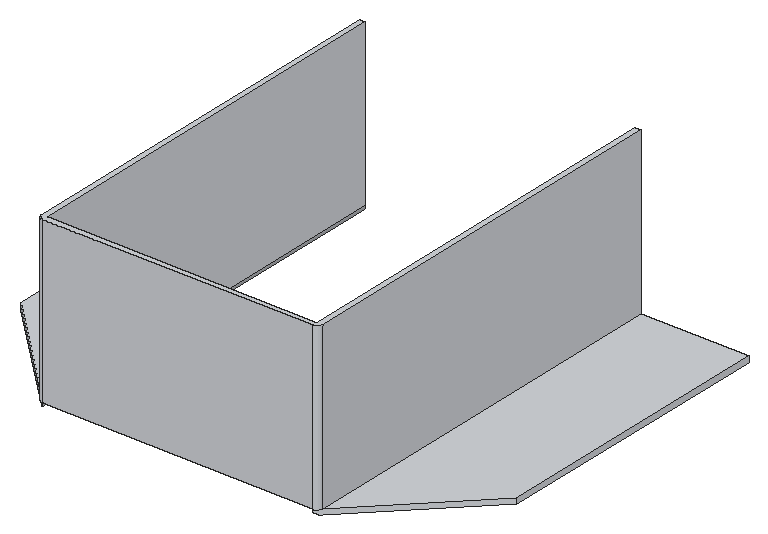
Revit family "JOMA_Balksko Special_40 ̸ 60", category Structural Connections, host Face, Revit 2012
Parameters (values of type "40/60")
  Y = 60 mm
  Typ 40 ̸ 60 = yes
  Typ = "TYP 40/60"
  Spikmönster [instance] = no
  Spik/skruv i sekundär [instance] = "ANKARSPIK 4,0x40"
  Spik/skruv i primär [instance] = "ANKARSPIK 4,0x60"
  Material = Varmförzinkad stålplåt
  Länk Joma Dimensioneringsverktyg = "http://www.joma.se/dimensioneringsverktyg"
  H500 = H500 : H500
  H480 = H480 : H480
  H460 = H460 : H460
  H440 = H440 : H440
  H420 = H420 : H420
  H400 = H400 : H400
  H380 = H380 : H380
  H360 = H360 : H360
  H340 = H340 : H340
  H320 = H320 : H320
  H300 = H300 : H300
  H280 = H280 : H280
  H260 = H260 : H260
  H240 = H240 : H240
  H220 = H220 : H220
  H200 = H200 : H200
  H180 = H180 : H180
  H160 = H160 : H160
  H140 = H140 : H140
  H [instance] = H140 : H140
  Default Elevation = 1219.2 mm
  X = 40 mm
  B [instance] = 95 mm
  Antal spik/skruv i sekundär [instance] = if(and(Typ 40 ̸ 60, Spikmönster, H = H500), 44, if(and(Typ 40 ̸ 60, Spikmönster, H = H480), 42, if(and(Typ 40 ̸ 60, Spikmönster, H = H460), 40, if(and(Typ 40 ̸ 60, Spikmönster, H = H440), 38, if(and(Typ 40 ̸ 60, Spikmönster, H = H420), 36, if(and(Typ 40 ̸ 60, Spikmönster, H = H400), 34, if(and(Typ 40 ̸ 60, Spikmönster, H = H380), 32, if(and(Typ 40 ̸ 60, Spikmönster, H = H360), 30, if(and(Typ 40 ̸ 60, Spikmönster, H = H340), 28, if(and(Typ 40 ̸ 60, Spikmönster, H = H320), 26, if(and(Typ 40 ̸ 60, Spikmönster, H = H300), 24, if(and(Typ 40 ̸ 60, Spikmönster, H = H280), 22, if(and(Typ 40 ̸ 60, Spikmönster, H = H260), 20, if(and(Typ 40 ̸ 60, Spikmönster, H = H240), 18, if(and(Typ 40 ̸ 60, Spikmönster, H = H220), 16, if(and(Typ 40 ̸ 60, Spikmönster, H = H200), 14, if(and(Typ 40 ̸ 60, Spikmönster, H = H180), 12, if(and(Typ 40 ̸ 60, Spikmönster, H = H160), 10, if(and(Typ 40 ̸ 60, Spikmönster, H = H140), 8, 0)))))))))))))))))))  # 0
  Antal spik/skruv i primär [instance] = if(and(Typ 40 ̸ 60, Spikmönster, H = H500), 52, if(and(Typ 40 ̸ 60, Spikmönster, H = H480), 50, if(and(Typ 40 ̸ 60, Spikmönster, H = H460), 48, if(and(Typ 40 ̸ 60, Spikmönster, H = H440), 46, if(and(Typ 40 ̸ 60, Spikmönster, H = H420), 44, if(and(Typ 40 ̸ 60, Spikmönster, H = H400), 42, if(and(Typ 40 ̸ 60, Spikmönster, H = H380), 40, if(and(Typ 40 ̸ 60, Spikmönster, H = H360), 38, if(and(Typ 40 ̸ 60, Spikmönster, H = H340), 36, if(and(Typ 40 ̸ 60, Spikmönster, H = H320), 34, if(and(Typ 40 ̸ 60, Spikmönster, H = H300), 32, if(and(Typ 40 ̸ 60, Spikmönster, H = H280), 30, if(and(Typ 40 ̸ 60, Spikmönster, H = H260), 28, if(and(Typ 40 ̸ 60, Spikmönster, H = H240), 26, if(and(Typ 40 ̸ 60, Spikmönster, H = H220), 24, if(and(Typ 40 ̸ 60, Spikmönster, H = H200), 22, if(and(Typ 40 ̸ 60, Spikmönster, H = H180), 20, if(and(Typ 40 ̸ 60, Spikmönster, H = H160), 18, if(and(Typ 40 ̸ 60, Spikmönster, H = H140), 16, 0)))))))))))))))))))  # 0
Reference planes
  plane 1 "Center (Front/Back)": y = 0
  plane 2: z = 0
  plane 3 "Center (Left/Right)": x = 0
  plane 4: x = -47.5
  plane 5: x = 47.5
  plane 6: x = -49.5
  plane 7: x = 49.5
  plane 8: y = 180
  plane 9: z = 2
  plane 10: y = -2
  plane 11: y = 38
  plane 12: x = 87.5
  plane 13: x = -87.5
  plane 14: z = 60
Dimensions and locks
  equal spacing: plane 4, plane 3 "Center (Left/Right)", plane 5
  "B": plane 4 to plane 5
  plane 6 to plane 4 = 2 mm
  plane 5 to plane 7 = 2 mm
  plane 9 to host face = 2 mm
  "X": plane 10 to plane 11
  "X": plane 5 to plane 12
  "X": plane 13 to plane 4
  "Y": plane 14 to host face
  locked: plane 10 to plane 1 "Center (Front/Back)" at 2
  plane 1 "Center (Front/Back)" to plane 8 = 180 mm
  nested 1 to plane 1 "Center (Front/Back)" = 140 mm
  aligned and locked: plane 2 to host face
  aligned and locked: level to host face
  aligned and locked: plane 10 to nested 1
  aligned and locked: plane 3 "Center (Left/Right)" to nested 1
Automatic sketch dimensions
  host sketch curve to host sketch curve = 2438.4 mm  (x2)
Nested families
  nested 1: "H140" at (0, 0, 0), type <- "H", B <- "B", Spikmönster <- "Spikmönster", type "H140"
    with Typ 40⁄60 Spikmönster no, Spikmönster no, H 140 mm, B 95 mm
Definition of nested family "H140"
  Parameters (values of type "H140")
    Y = 60 mm
    Typ 40⁄60 Spikmönster [instance] = and(Typ 40⁄60, Spikmönster)  # no
    Typ 40⁄60 = yes
    Spikmönster [instance] = no
    Länk Joma Dimensioneringsverktyg = "http://www.joma.se/dimensioneringsverktyg"
    H [instance] = 140 mm
    Default Elevation = 1219.2 mm
    X = 40 mm
    B [instance] = 120 mm
  Reference planes
    plane 1 "Center (Front/Back)": y = 0
    plane 2: z = 0
    plane 3 "Center (Left/Right)": x = 0
    plane 4: x = -60
    plane 5: x = 60
    plane 6: x = -62
    plane 7: x = 62
    plane 8: y = 140
    plane 9: z = 2
    plane 10: y = -2
    plane 11: y = 38
    plane 12: x = 100
    plane 13: x = -100
    plane 14: z = 60
  Forms (mm)
    Extrusion 1, solid
      sketch origin (0, 0, 0) x (1, 0, 0) y (0, 1, 0)
        loop
          line (-1219.2, 1219.2) -> (-1219.2, -1219.2) -> (1219.2, -1219.2) -> (1219.2, 1219.2) -> (-1219.2, 1219.2)
      from 0 to -304.8
    Extrusion 2, solid
      sketch origin (0, 0, 0) x (1, 0, 0) y (0, 1, 0)
        loop
          line (-60, 140) -> (-62, 140) -> (-62, 0)
          arc (-62, 0) -> (-61.414, -1.414) -> (-60, -2) r 2
          line (-60, -2) -> (60.004, -2)
          arc (60.004, -2) -> (61.415, -1.415) -> (62, -0.004) r 1.996
          line (62, -0.004) -> (62, 140) -> (60, 140) -> (60, 0) -> (-60, 0) -> (-60, 140)
      from 2 to 60
    Extrusion 3, solid
      sketch origin (0, 0, 0) x (1, 0, 0) y (0, 1, 0)
        loop
          line (60, 140) -> (60, -2) -> (100, -2) -> (100, 140) -> (60, 140)
      from 0 to 2
    Extrusion 4, void
      sketch origin (0, 0, 0) x (1, 0, 0) y (0, 1, 0)
        loop
          line (60, -2) -> (100, -2) -> (100, 38) -> (60, -2)
      from 0 to 2
    Extrusion 5, solid
      sketch origin (0, 0, 0) x (-1, 0, 0) y (0, -1, 0)
        loop
          line (60, -140) -> (100, -140) -> (100, 2) -> (60, 2) -> (60, -140)
      from 0 to 2
    Extrusion 6, void
      sketch origin (0, 0, 0) x (1, 0, 0) y (0, 1, 0)
        loop
          line (-60, -2) -> (-100, 38) -> (-100, -2) -> (-60, -2)
      from 0 to 250
    Extrusion 7, void
      sketch origin (0, 0, 0) x (1, 0, 0) y (0, 0, 1)
        loop
          arc (62, 0) -> (60.586, 0.586) -> (60, 2) r 2
          line (60, 2) -> (60, 0) -> (62, 0)
      from -140 to 2
    Extrusion 8, void
      sketch origin (0, 0, 0) x (1, 0, 0) y (0, 0, 1)
        loop
          arc (-60, 2) -> (-60.586, 0.586) -> (-62, 0) r 2
          line (-62, 0) -> (-60, 0) -> (-60, 2)
      from -140 to 2
  Cuts and joins
    Extrusion 4, Extrusion 7 cuts Extrusion 3
    Extrusion 6, Extrusion 8 cuts Extrusion 5
    joined: Extrusion 2, Extrusion 3, Extrusion 5
  Lines and regions (mm)
    symbolic lines, visible <- "Typ 40⁄60"
      curve 1: circle (-70, 130, 0) r 2.5 normal (0, 0, 1)
      curve 2: circle (-70, 110, 0) r 2.5 normal (0, 0, 1)
      curve 3: circle (-70, 90, 0) r 2.5 normal (0, 0, 1)
      curve 4: circle (-70, 70, 0) r 2.5 normal (0, 0, 1)
      curve 5: circle (-90, 120, 0) r 2.5 normal (0, 0, 1)
      curve 6: circle (-90, 100, 0) r 2.5 normal (0, 0, 1)
      curve 7: circle (-90, 80, 0) r 2.5 normal (0, 0, 1)
      curve 8: circle (-70, 50, 0) r 2.5 normal (0, 0, 1)
      curve 9: circle (-90, 60, 0) r 2.5 normal (0, 0, 1)
      curve 10: circle (-70, 30, 0) r 2.5 normal (0, 0, 1)
      curve 11: circle (-90, 40, 0) r 2.5 normal (0, 0, 1)
      curve 23: circle (70, 130, 0) r 2.5 normal (0, 0, -1)
      curve 24: circle (70, 110, 0) r 2.5 normal (0, 0, -1)
      curve 25: circle (70, 90, 0) r 2.5 normal (0, 0, -1)
      curve 26: circle (70, 70, 0) r 2.5 normal (0, 0, -1)
      curve 27: circle (90, 120, 0) r 2.5 normal (0, 0, -1)
      curve 28: circle (90, 100, 0) r 2.5 normal (0, 0, -1)
      curve 29: circle (90, 80, 0) r 2.5 normal (0, 0, -1)
      curve 30: circle (70, 50, 0) r 2.5 normal (0, 0, -1)
      curve 31: circle (90, 60, 0) r 2.5 normal (0, 0, -1)
      curve 32: circle (70, 30, 0) r 2.5 normal (0, 0, -1)
      curve 33: circle (90, 40, 0) r 2.5 normal (0, 0, -1)
    symbolic lines, visible <- "Typ 40⁄60", not visible
      curve 12: circle (-370, 490, 0) r 2.5 normal (0, 0, 1)
      curve 13: circle (-370, 470, 0) r 2.5 normal (0, 0, 1)
      curve 14: circle (-370, 450, 0) r 2.5 normal (0, 0, 1)
      curve 15: circle (-370, 430, 0) r 2.5 normal (0, 0, 1)
      curve 16: circle (-390, 480, 0) r 2.5 normal (0, 0, 1)
      curve 17: circle (-390, 460, 0) r 2.5 normal (0, 0, 1)
      curve 18: circle (-390, 440, 0) r 2.5 normal (0, 0, 1)
      curve 19: circle (-370, 410, 0) r 2.5 normal (0, 0, 1)
      curve 20: circle (-390, 420, 0) r 2.5 normal (0, 0, 1)
      curve 21: circle (-370, 390, 0) r 2.5 normal (0, 0, 1)
      curve 22: circle (-390, 400, 0) r 2.5 normal (0, 0, 1)
      curve 34: circle (70, 490, 0) r 2.5 normal (0, 0, -1)
      curve 35: circle (70, 470, 0) r 2.5 normal (0, 0, -1)
      curve 36: circle (70, 450, 0) r 2.5 normal (0, 0, -1)
      curve 37: circle (70, 430, 0) r 2.5 normal (0, 0, -1)
      curve 38: circle (90, 480, 0) r 2.5 normal (0, 0, -1)
      curve 39: circle (90, 460, 0) r 2.5 normal (0, 0, -1)
      curve 40: circle (90, 440, 0) r 2.5 normal (0, 0, -1)
      curve 41: circle (70, 410, 0) r 2.5 normal (0, 0, -1)
      curve 42: circle (90, 420, 0) r 2.5 normal (0, 0, -1)
      curve 43: circle (70, 390, 0) r 2.5 normal (0, 0, -1)
      curve 44: circle (90, 400, 0) r 2.5 normal (0, 0, -1)
    symbolic lines, style "StructConnections", visible <- "Typ 40⁄60"
      curve 45: circle (0, 120, 50) r 2.5 normal (1, 0, 0)
      curve 46: circle (0, 100, 50) r 2.5 normal (1, 0, 0)
      curve 47: circle (0, 80, 50) r 2.5 normal (1, 0, 0)
      curve 48: circle (0, 60, 50) r 2.5 normal (1, 0, 0)
      curve 49: circle (0, 40, 50) r 2.5 normal (1, 0, 0)
      curve 50: circle (0, 20, 50) r 2.5 normal (1, 0, 0)
    symbolic lines, style "StructConnections", visible <- "Typ 40⁄60", not visible
      curve 51: circle (0, 480, 50) r 2.5 normal (1, 0, 0)
      curve 52: circle (0, 460, 50) r 2.5 normal (1, 0, 0)
      curve 53: circle (0, 440, 50) r 2.5 normal (1, 0, 0)
      curve 54: circle (0, 420, 50) r 2.5 normal (1, 0, 0)
      curve 55: circle (0, 400, 50) r 2.5 normal (1, 0, 0)
      curve 56: circle (0, 380, 50) r 2.5 normal (1, 0, 0)
  Dimensions and locks
    equal spacing: plane 4, plane 3 "Center (Left/Right)", plane 5
    "B": plane 4 to plane 5
    plane 6 to plane 4 = 2 mm
    plane 5 to plane 7 = 2 mm
    plane 9 to Extrusion 1 = 2 mm
    "X": plane 10 to plane 11
    "X": plane 5 to plane 12
    "X": plane 13 to plane 4
    "Y": plane 14 to Extrusion 1
    locked: plane 10 to plane 1 "Center (Front/Back)" at 2
    "H": plane 1 "Center (Front/Back)" to plane 8
    locked: plane 13 to curve 5 at 10
    locked: plane 8 to curve 1 at 10
    locked: plane 8 to curve 23 at 10
    locked: curve 27 to plane 12 at 10
    locked: plane 14 to curve 45 at 10
    locked: plane 8 to curve 45 at 20
    aligned and locked: plane 2 to Extrusion 1
    aligned and locked: level to Extrusion 1
    aligned and locked: Extrusion 2 to plane 6
    aligned and locked: plane 8 to Extrusion 2  (x2)
    aligned and locked: plane 7 to Extrusion 2
    aligned and locked: Extrusion 2 to plane 5
    aligned and locked: Extrusion 2 to plane 1 "Center (Front/Back)"
    aligned and locked: plane 4 to Extrusion 2
    aligned and locked: Extrusion 7 to plane 5
    aligned and locked: Extrusion 7 to level
    aligned and locked: plane 8 to Extrusion 7
    aligned and locked: plane 10 to Extrusion 7
    aligned and locked: Extrusion 5 to Extrusion 6
    aligned and locked: plane 8 to Extrusion 5
    aligned and locked: plane 4 to Extrusion 5
    aligned and locked: plane 10 to Extrusion 5
    aligned and locked: plane 13 to Extrusion 6
    aligned and locked: plane 10 to Extrusion 6
    aligned and locked: plane 4 to Extrusion 8
    aligned and locked: Extrusion 8 to level
    aligned and locked: Extrusion 7 to plane 2
    aligned and locked: plane 8 to Extrusion 8
    aligned and locked: plane 10 to Extrusion 8
    aligned and locked: plane 14 to Extrusion 2
  Automatic sketch dimensions
    Extrusion 1 sketch curve to Extrusion 1 sketch curve = 2438.4 mm  (x2)
    curve 6 to curve 5 = 20 mm  (x3)
    curve 7 to curve 6 = 20 mm  (x3)
    curve 9 to curve 7 = 20 mm  (x3)
    curve 11 to curve 9 = 20 mm  (x3)
    curve 8 to curve 10 = 20 mm
    curve 4 to curve 8 = 20 mm
    curve 3 to curve 4 = 20 mm
    curve 2 to curve 3 = 20 mm
    curve 1 to curve 2 = 20 mm
    curve 10 to curve 8 = 20 mm  (x2)
    curve 8 to curve 4 = 20 mm  (x2)
    curve 4 to curve 3 = 20 mm  (x2)
    curve 3 to curve 2 = 20 mm  (x2)
    curve 2 to curve 1 = 20 mm  (x2)
    curve 17 to curve 16 = 20 mm  (x3)
    curve 18 to curve 17 = 20 mm  (x3)
    curve 20 to curve 18 = 20 mm  (x3)
    curve 22 to curve 20 = 20 mm  (x3)
    curve 19 to curve 21 = 20 mm
    curve 15 to curve 19 = 20 mm
    curve 14 to curve 15 = 20 mm
    curve 13 to curve 14 = 20 mm
    curve 12 to curve 13 = 20 mm
    curve 21 to curve 19 = 20 mm  (x2)
    curve 19 to curve 15 = 20 mm  (x2)
    curve 15 to curve 14 = 20 mm  (x2)
    curve 14 to curve 13 = 20 mm  (x2)
    curve 13 to curve 12 = 20 mm  (x2)
    curve 28 to curve 27 = 20 mm  (x3)
    curve 29 to curve 28 = 20 mm  (x3)
    curve 31 to curve 29 = 20 mm  (x3)
    curve 33 to curve 31 = 20 mm  (x3)
    curve 30 to curve 32 = 20 mm
    curve 26 to curve 30 = 20 mm
    curve 25 to curve 26 = 20 mm
    curve 24 to curve 25 = 20 mm
    curve 23 to curve 24 = 20 mm
    curve 32 to curve 30 = 20 mm  (x2)
    curve 30 to curve 26 = 20 mm  (x2)
    curve 26 to curve 25 = 20 mm  (x2)
    curve 25 to curve 24 = 20 mm  (x2)
    curve 24 to curve 23 = 20 mm  (x2)
    curve 39 to curve 38 = 20 mm  (x3)
    curve 40 to curve 39 = 20 mm  (x3)
    curve 42 to curve 40 = 20 mm  (x3)
    curve 44 to curve 42 = 20 mm  (x3)
    curve 41 to curve 43 = 20 mm
    curve 37 to curve 41 = 20 mm
    curve 36 to curve 37 = 20 mm
    curve 35 to curve 36 = 20 mm
    curve 34 to curve 35 = 20 mm
    curve 43 to curve 41 = 20 mm  (x2)
    curve 41 to curve 37 = 20 mm  (x2)
    curve 37 to curve 36 = 20 mm  (x2)
    curve 36 to curve 35 = 20 mm  (x2)
    curve 35 to curve 34 = 20 mm  (x2)
    plane 1 "Center (Front/Back)" to Extrusion 2 sketch curve = 0 mm  (x2)
    Extrusion 2 sketch curve to plane 6 = 0 mm
    Extrusion 2 sketch curve to plane 4 = 0 mm  (x2)
    Extrusion 2 sketch curve to plane 5 = 0 mm
    Extrusion 2 sketch curve to plane 7 = 0 mm
    Extrusion 2 sketch curve to plane 8 = 0 mm  (x2)
    plane 5 to Extrusion 2 sketch curve = 0.004 mm
    Extrusion 3 sketch curve to plane 5 = 0 mm
    plane 10 to Extrusion 3 sketch curve = 0 mm
    Extrusion 3 sketch curve to plane 12 = 0 mm
    Extrusion 3 sketch curve to plane 8 = 0 mm
    Extrusion 4 sketch curve to plane 5 = 0 mm
    plane 10 to Extrusion 4 sketch curve = 0 mm
    Extrusion 4 sketch curve to plane 12 = 0 mm
    plane 11 to Extrusion 4 sketch curve = 0 mm
    Extrusion 5 sketch curve to plane 4 = 0 mm
    plane 10 to Extrusion 5 sketch curve = 0 mm
    Extrusion 5 sketch curve to plane 13 = 0 mm
    Extrusion 5 sketch curve to plane 8 = 0 mm
    Extrusion 7 sketch curve to level = 0 mm
    Extrusion 7 sketch curve to plane 5 = 0 mm
    Extrusion 7 sketch curve to plane 7 = 0 mm
    Extrusion 8 sketch curve to plane 6 = 0 mm
    Extrusion 8 sketch curve to level = 0 mm
    Extrusion 8 sketch curve to plane 4 = 0 mm
    curve 6 to curve 5 = 0 mm
    curve 7 to curve 6 = 0 mm
    curve 9 to curve 7 = 0 mm
    curve 11 to curve 9 = 0 mm
    curve 8 to curve 10 = 0 mm
    curve 4 to curve 8 = 0 mm
    curve 3 to curve 4 = 0 mm
    curve 2 to curve 3 = 0 mm
    curve 1 to curve 2 = 0 mm
    curve 17 to curve 16 = 0 mm
    curve 18 to curve 17 = 0 mm
    curve 20 to curve 18 = 0 mm
    curve 22 to curve 20 = 0 mm
    curve 19 to curve 21 = 0 mm
    curve 15 to curve 19 = 0 mm
    curve 14 to curve 15 = 0 mm
    curve 13 to curve 14 = 0 mm
    curve 12 to curve 13 = 0 mm
    curve 24 to curve 23 = 0 mm
    curve 25 to curve 24 = 0 mm
    curve 26 to curve 25 = 0 mm
    curve 30 to curve 26 = 0 mm
    curve 32 to curve 30 = 0 mm
    curve 31 to curve 33 = 0 mm
    curve 29 to curve 31 = 0 mm
    curve 28 to curve 29 = 0 mm
    curve 27 to curve 28 = 0 mm
    curve 35 to curve 34 = 0 mm
    curve 36 to curve 35 = 0 mm
    curve 37 to curve 36 = 0 mm
    curve 41 to curve 37 = 0 mm
    curve 43 to curve 41 = 0 mm
    curve 42 to curve 44 = 0 mm
    curve 40 to curve 42 = 0 mm
    curve 39 to curve 40 = 0 mm
    curve 38 to curve 39 = 0 mm
    curve 30 to curve 33 = 20 mm
    curve 41 to curve 44 = 20 mm
    curve 11 to curve 8 = 20 mm
    curve 22 to curve 19 = 20 mm
    curve 11 to curve 8 = 10 mm
    curve 22 to curve 19 = 10 mm
    curve 33 to curve 30 = 10 mm
    curve 44 to curve 41 = 10 mm
    curve 46 to curve 45 = 20 mm
    curve 46 to curve 45 = 0 mm
    curve 47 to curve 46 = 20 mm
    curve 47 to curve 46 = 0 mm
    curve 48 to curve 47 = 20 mm
    curve 48 to curve 47 = 0 mm
    curve 49 to curve 48 = 20 mm
    curve 49 to curve 48 = 0 mm
    curve 50 to curve 49 = 20 mm
    curve 50 to curve 49 = 0 mm
    curve 52 to curve 51 = 20 mm
    curve 52 to curve 51 = 0 mm
    curve 53 to curve 52 = 20 mm
    curve 53 to curve 52 = 0 mm
    curve 54 to curve 53 = 20 mm
    curve 54 to curve 53 = 0 mm
    curve 55 to curve 54 = 20 mm
    curve 55 to curve 54 = 0 mm
    curve 56 to curve 55 = 20 mm
    curve 56 to curve 55 = 0 mm
    plane 11 to Extrusion 6 sketch curve = 0 mm
    Extrusion 6 sketch curve to plane 13 = 0 mm
    Extrusion 6 sketch curve to plane 4 = 0 mm
    plane 10 to Extrusion 6 sketch curve = 0 mm
    radius of curve 1 = 2.5 mm  (x2)
    radius of curve 2 = 2.5 mm  (x2)
    radius of curve 3 = 2.5 mm  (x2)
    radius of curve 4 = 2.5 mm  (x2)
    radius of curve 5 = 2.5 mm  (x2)
    radius of curve 6 = 2.5 mm  (x2)
    radius of curve 7 = 2.5 mm  (x2)
    radius of curve 8 = 2.5 mm  (x2)
    radius of curve 9 = 2.5 mm  (x2)
    radius of curve 10 = 2.5 mm  (x2)
    radius of curve 11 = 2.5 mm  (x2)
    radius of curve 12 = 2.5 mm  (x2)
    radius of curve 13 = 2.5 mm  (x2)
    radius of curve 14 = 2.5 mm  (x2)
    radius of curve 15 = 2.5 mm  (x2)
    radius of curve 16 = 2.5 mm  (x2)
    radius of curve 17 = 2.5 mm  (x2)
    radius of curve 18 = 2.5 mm  (x2)
    radius of curve 19 = 2.5 mm  (x2)
    radius of curve 20 = 2.5 mm  (x2)
    radius of curve 21 = 2.5 mm  (x2)
    radius of curve 22 = 2.5 mm  (x2)
    radius of curve 23 = 2.5 mm  (x2)
    radius of curve 24 = 2.5 mm  (x2)
    radius of curve 25 = 2.5 mm  (x2)
    radius of curve 26 = 2.5 mm  (x2)
    radius of curve 27 = 2.5 mm  (x2)
    radius of curve 28 = 2.5 mm  (x2)
    radius of curve 29 = 2.5 mm  (x2)
    radius of curve 30 = 2.5 mm  (x2)
    radius of curve 31 = 2.5 mm  (x2)
    radius of curve 32 = 2.5 mm  (x2)
    radius of curve 33 = 2.5 mm  (x2)
    radius of curve 34 = 2.5 mm  (x2)
    radius of curve 35 = 2.5 mm  (x2)
    radius of curve 36 = 2.5 mm  (x2)
    radius of curve 37 = 2.5 mm  (x2)
    radius of curve 38 = 2.5 mm  (x2)
    radius of curve 39 = 2.5 mm  (x2)
    radius of curve 40 = 2.5 mm  (x2)
    radius of curve 41 = 2.5 mm  (x2)
    radius of curve 42 = 2.5 mm  (x2)
    radius of curve 43 = 2.5 mm  (x2)
    radius of curve 44 = 2.5 mm  (x2)
    radius of curve 45 = 2.5 mm
    radius of curve 46 = 2.5 mm
    radius of curve 47 = 2.5 mm
    radius of curve 48 = 2.5 mm
    radius of curve 49 = 2.5 mm
    radius of curve 50 = 2.5 mm
    radius of curve 51 = 2.5 mm
    radius of curve 52 = 2.5 mm
    radius of curve 53 = 2.5 mm
    radius of curve 54 = 2.5 mm
    radius of curve 55 = 2.5 mm
    radius of curve 56 = 2.5 mm
  Nested families
    nested 1: "Spikmönster" at (-90, 120, 0), visible <- "Typ 40⁄60 Spikmönster", type "Ø5"
    nested 2: "Spikmönster" at (-70, 130, 0), visible <- "Typ 40⁄60 Spikmönster", type "Ø5"
    nested 3: "Spikmönster" at (-70, 110, 0), visible <- "Typ 40⁄60 Spikmönster", type "Ø5"
    nested 4: "Spikmönster" at (-70, 90, 0), visible <- "Typ 40⁄60 Spikmönster", type "Ø5"
    nested 5: "Spikmönster" at (-70, 70, 0), visible <- "Typ 40⁄60 Spikmönster", type "Ø5"
    nested 6: "Spikmönster" at (-90, 80, 0), visible <- "Typ 40⁄60 Spikmönster", type "Ø5"
    nested 7: "Spikmönster" at (-70, 50, 0), visible <- "Typ 40⁄60 Spikmönster", type "Ø5"
    nested 8: "Spikmönster" at (-90, 40, 0), visible <- "Typ 40⁄60 Spikmönster", type "Ø5"
    nested 9: "Spikmönster" at (-390, 480, 0), visible <- "Typ 40⁄60 Spikmönster", type "Ø5", not visible
    nested 10: "Spikmönster" at (-370, 490, 0), visible <- "Typ 40⁄60 Spikmönster", type "Ø5", not visible
    nested 11: "Spikmönster" at (-370, 470, 0), visible <- "Typ 40⁄60 Spikmönster", type "Ø5", not visible
    nested 12: "Spikmönster" at (-370, 450, 0), visible <- "Typ 40⁄60 Spikmönster", type "Ø5", not visible
    nested 13: "Spikmönster" at (-370, 430, 0), visible <- "Typ 40⁄60 Spikmönster", type "Ø5", not visible
    nested 14: "Spikmönster" at (-390, 440, 0), visible <- "Typ 40⁄60 Spikmönster", type "Ø5", not visible
    nested 15: "Spikmönster" at (-370, 410, 0), visible <- "Typ 40⁄60 Spikmönster", type "Ø5", not visible
    nested 16: "Spikmönster" at (-390, 400, 0), visible <- "Typ 40⁄60 Spikmönster", type "Ø5", not visible
    nested 17: "Spikmönster" at (90, 120, 0), visible <- "Typ 40⁄60 Spikmönster", type "Ø5"
    nested 18: "Spikmönster" at (70, 130, 0), visible <- "Typ 40⁄60 Spikmönster", type "Ø5"
    nested 19: "Spikmönster" at (70, 110, 0), visible <- "Typ 40⁄60 Spikmönster", type "Ø5"
    nested 20: "Spikmönster" at (90, 40, 0), visible <- "Typ 40⁄60 Spikmönster", type "Ø5"
    nested 21: "Spikmönster" at (70, 90, 0), visible <- "Typ 40⁄60 Spikmönster", type "Ø5"
    nested 22: "Spikmönster" at (70, 70, 0), visible <- "Typ 40⁄60 Spikmönster", type "Ø5"
    nested 23: "Spikmönster" at (90, 80, 0), visible <- "Typ 40⁄60 Spikmönster", type "Ø5"
    nested 24: "Spikmönster" at (70, 50, 0), visible <- "Typ 40⁄60 Spikmönster", type "Ø5"
    nested 25: "Spikmönster" at (90, 480, 0), visible <- "Typ 40⁄60 Spikmönster", type "Ø5", not visible
    nested 26: "Spikmönster" at (70, 490, 0), visible <- "Typ 40⁄60 Spikmönster", type "Ø5", not visible
    nested 27: "Spikmönster" at (70, 470, 0), visible <- "Typ 40⁄60 Spikmönster", type "Ø5", not visible
    nested 28: "Spikmönster" at (90, 400, 0), visible <- "Typ 40⁄60 Spikmönster", type "Ø5", not visible
    nested 29: "Spikmönster" at (70, 450, 0), visible <- "Typ 40⁄60 Spikmönster", type "Ø5", not visible
    nested 30: "Spikmönster" at (70, 430, 0), visible <- "Typ 40⁄60 Spikmönster", type "Ø5", not visible
    nested 31: "Spikmönster" at (90, 440, 0), visible <- "Typ 40⁄60 Spikmönster", type "Ø5", not visible
    nested 32: "Spikmönster" at (70, 410, 0), visible <- "Typ 40⁄60 Spikmönster", type "Ø5", not visible
    nested 33: "Spikmönster" at (0, 100, 50) x (0, -1, 0) z (1, 0, 0), visible <- "Typ 40⁄60 Spikmönster", type "Ø5"
    nested 34: "Spikmönster" at (0, 60, 50) x (0, -1, 0) z (1, 0, 0), visible <- "Typ 40⁄60 Spikmönster", type "Ø5"
    nested 35: "Spikmönster" at (0, 120, 50) x (0, -1, 0) z (1, 0, 0), visible <- "Typ 40⁄60 Spikmönster", type "Ø5"
    nested 36: "Spikmönster" at (0, 80, 50) x (0, -1, 0) z (1, 0, 0), visible <- "Typ 40⁄60 Spikmönster", type "Ø5"
    nested 37: "Spikmönster" at (0, 460, 50) x (0, -1, 0) z (1, 0, 0), visible <- "Typ 40⁄60 Spikmönster", type "Ø5", not visible
    nested 38: "Spikmönster" at (0, 420, 50) x (0, -1, 0) z (1, 0, 0), visible <- "Typ 40⁄60 Spikmönster", type "Ø5", not visible
    nested 39: "Spikmönster" at (0, 480, 50) x (0, -1, 0) z (1, 0, 0), visible <- "Typ 40⁄60 Spikmönster", type "Ø5", not visible
    nested 40: "Spikmönster" at (0, 440, 50) x (0, -1, 0) z (1, 0, 0), visible <- "Typ 40⁄60 Spikmönster", type "Ø5", not visible
  Definition of nested family "Spikmönster"
    Parameters (values of type "Ø11")
      Radie = 5.5 mm
    Types (3, lengths in mm): name | Radie
      (no name) | 5.5
      Ø5 | 2.5
      Ø11 | 5.5
    Reference planes
      plane 1 "Center (Front/Back)": y = 0
      plane 2: z = 0
      plane 3 "Center (Left/Right)": x = 0
    Lines and regions (mm)
      Filled region 1, type "Solid Fill - Black", in view "Ref. Level"
        outline origin (0, 0, 0) x (1, 0, 0) y (0, 1, 0)
          loop
            circle (0, 0) r 5.5
    Dimensions and locks
      "Radie": radius of Filled region 1 sketch curve
    Automatic sketch dimensions
      plane 1 "Center (Front/Back)" to Filled region 1 sketch curve = 0 mm
      Filled region 1 sketch curve to plane 3 "Center (Left/Right)" = 0 mm
